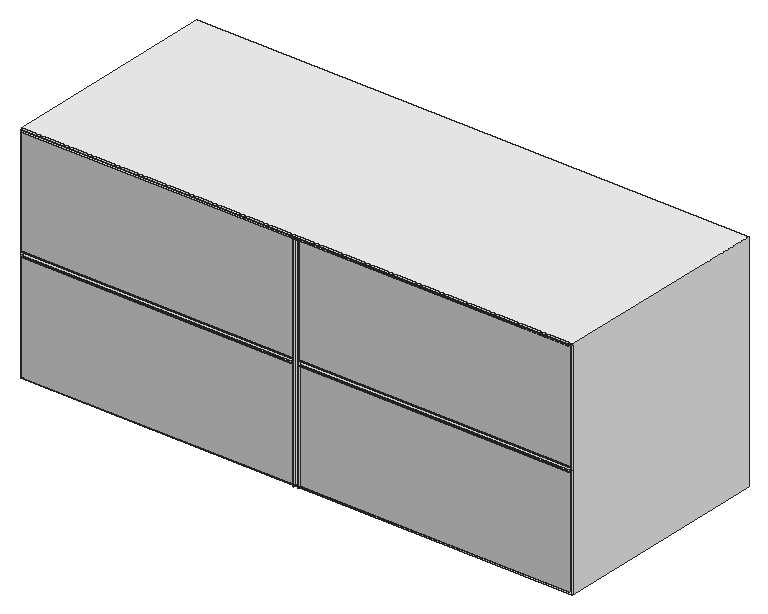
Revit family "vanity unit-hansgrohe-54196XXX-Xevolos E Vanity unit Matt White 1370_550 with 4 drawers for consoles with 2 countertop basins ground", category Furniture, Revit 2019
Family settings
  OmniClass Number = 23.40.00.00
  OmniClass Title = Equipment and Furnishings
  Work Plane-Based = No
  Always vertical = Yes
  Cut with Voids When Loaded = No
  Shared = Yes
  Room Calculation Point = No
Parameters (values of type "54196320-MATT_WHITE-METALLIC_WHITE-200")
  etim7_EC011381 = "EC011381"
  WEIGHT = "82.3"
  UNSPSC = "56 | Furniture and Furnishings"
  UNIFORMATII = "E2010 | Fixed Furnishings"
  UNICLASS_2015_CODE = "40_30_78_05"
  UNICLASS2015 = "Pr_40_30_78_05 | Bathroom furniture"
  SURFACE = "METALLIC_WHITE"
  REGION = "Worldwide"
  PRODUCTURL = "https://pro.hansgrohe.com/articledetail--54196320"
  PERMALINK = "54196XXX"
  OMNICLASS = "23-21 19 15 33 13 | Residential Bathroom Specialty Casework"
  OBJECTTYPE = "Object (single object)"
  OBERFLAECHE = "MATT_WHITE"
  NN = "Vanity unit with 4 drawers for consoles with 2 countertop basins ground"
  NBSYN = "$ARTNR.-$OBERFLAECHE.-$SURFACE.-$LODLEVEL."
  NB = "54196320-MATT_WHITE-METALLIC_WHITE-200"
  NAME = "Xevolos E Vanity unit Matt White 1370/550 with 4 drawers for consoles with 2 countertop basins ground"
  Model = "54196320-MATT_WHITE-METALLIC_WHITE-200"
  Manufacturer = "Hansgrohe"
  MIdent = "{$CADENAS_DATA/23d-libs/hansgrohe/xevolos_furniture/e_vanity_unit_4drawers_consoles_2countertop_basin/vanity_unit_4drawers_consoles_2countertopbasin.prj},289 {VTYP=3D},{NB=54196320-MATT_WHITE-METALLIC_WHITE-200},{LINA=54196320-MATT_WHITE-METALLIC_WHITE-200},{NN=Vanity unit with 4 drawers for consoles with 2 countertop basins ground},{DATE=13.03.2023 11:55:27},{GEOMDATE=12.03.2023 06:39:00},{VERSION=},{LINEID=10},{WBVAR=LODLEVEL},{WBNUMERIC=}  {NB=54196320-MATT_WHITE-METALLIC_WHITE-200},{LINA=54196320-MATT_WHITE-METALLIC_WHITE-200},{KT=DUMMY},{IDNR=1},{ARTNR=54196320},{BASENUMBER=54196},{MODEL=54196XXX},{OBERFLAECHE=MATT_WHITE},{SURFACE=METALLIC_WHITE},{L=1370},{LODLEVEL=200},{LODLEVELX='400','400','200','200'},{NAME=Xevolos E Vanity unit Matt White 1370/550 with 4 drawers for consoles with 2 countertop basins ground},{PERMALINK=54196XXX},{OBJECTTYPE=Object (single object)},{BIMOBJECT=Sanitary: Compound units},{COLLECTIONSET=Xevolos E},{COLLECTION=vanity unit},{WEIGHT=82.3},{DESCRIPTION=Xevolos E Vanity unit Matt White 1370/550 with 4 drawers for consoles with 2 countertop basins ground},{PRODUCTURL=https://pro.hansgrohe.com/articledetail--54196320},{GTINCODE=0},{TENDERURL=0},{IFC=Furnishing element},{ETIM=EC011381 | Bathroom furniture set},{UNICLASS2015=Pr_40_30_78_05 | Bathroom furniture},{OMNICLASS=23-21 19 15 33 13 | Residential Bathroom Specialty Casework},{MASTERFORMAT=12 35 30.23 | Bathroom Casework},{UNSPSC=56 | Furniture and Furnishings},{UNIFORMATII=E2010 | Fixed Furnishings},{REGION=Worldwide},{DESIGN=Germany},{MANUFACTURER=Germany}"
  MASTERFORMAT = "12 35 30.23 | Bathroom Casework"
  LODLEVEL = "200"
  LINA = "54196320-MATT_WHITE-METALLIC_WHITE-200"
  L = 1370
  IFC = "Furnishing element"
  IDNR = 1
  ETIM = "EC011381 | Bathroom furniture set"
  DESIGN = "Germany"
  COLLECTIONSET = "Xevolos E"
  COLLECTION = "vanity unit"
  CATALOG = "Hansgrohe"
  BIMOBJECT = "Sanitary: Compound units"
  BASENUMBER = "54196"
  ARTNR = "54196320"
  54196730-MATT_WHITE-DARK_OAK-400_RX0RY0RZ0TX0TY0TZ0_V = no
  54196730-MATT_WHITE-DARK_OAK-200_RX0RY0RZ0TX0TY0TZ0_V = no
  54196390-MATT_WHITE-PATTEREND_BRONZE-400_RX0RY0RZ0TX0TY0TZ0_V = no
  54196390-MATT_WHITE-PATTEREND_BRONZE-200_RX0RY0RZ0TX0TY0TZ0_V = no
  54196320-MATT_WHITE-METALLIC_WHITE-400_RX0RY0RZ0TX0TY0TZ0_V = no
  54196320-MATT_WHITE-METALLIC_WHITE-200_RX0RY0RZ0TX0TY0TZ0_V = yes
Reference planes
  plane 1 "Center (Front/Back)": y = 0
  plane 2: z = 0
  plane 3 "Center (Left/Right)": x = 0
Dimensions and locks
  aligned and locked: level to plane 2
Nested families
  nested 1: "54196320-matt_white-metallic_white-200_content" at (0, 0, 0), visible <- "54196320-MATT_WHITE-METALLIC_WHITE-200_RX0RY0RZ0TX0TY0TZ0_V", ContentVisible <- "54196320-MATT_WHITE-METALLIC_WHITE-200_RX0RY0RZ0TX0TY0TZ0_V", type "54196320-MATT_WHITE-METALLIC_WHITE-200_Content"
    with ContentVisible yes
  nested 2: "54196320-matt_white-metallic_white-400_content" at (0, 0, 0), visible <- "54196320-MATT_WHITE-METALLIC_WHITE-400_RX0RY0RZ0TX0TY0TZ0_V", ContentVisible <- "54196320-MATT_WHITE-METALLIC_WHITE-400_RX0RY0RZ0TX0TY0TZ0_V", type "54196320-MATT_WHITE-METALLIC_WHITE-400_Content"
    with ContentVisible no
  nested 3: "54196390-matt_white-patterend_bronze-200_content" at (0, 0, 0), visible <- "54196390-MATT_WHITE-PATTEREND_BRONZE-200_RX0RY0RZ0TX0TY0TZ0_V", ContentVisible <- "54196390-MATT_WHITE-PATTEREND_BRONZE-200_RX0RY0RZ0TX0TY0TZ0_V", type "54196390-MATT_WHITE-PATTEREND_BRONZE-200_Content"
    with ContentVisible no
  nested 4: "54196390-matt_white-patterend_bronze-400_content" at (0, 0, 0), visible <- "54196390-MATT_WHITE-PATTEREND_BRONZE-400_RX0RY0RZ0TX0TY0TZ0_V", ContentVisible <- "54196390-MATT_WHITE-PATTEREND_BRONZE-400_RX0RY0RZ0TX0TY0TZ0_V", type "54196390-MATT_WHITE-PATTEREND_BRONZE-400_Content"
    with ContentVisible no
  nested 5: "54196730-matt_white-dark_oak-200_content" at (0, 0, 0), visible <- "54196730-MATT_WHITE-DARK_OAK-200_RX0RY0RZ0TX0TY0TZ0_V", ContentVisible <- "54196730-MATT_WHITE-DARK_OAK-200_RX0RY0RZ0TX0TY0TZ0_V", type "54196730-MATT_WHITE-DARK_OAK-200_Content"
    with ContentVisible no
  nested 6: "54196730-matt_white-dark_oak-400_content" at (0, 0, 0), visible <- "54196730-MATT_WHITE-DARK_OAK-400_RX0RY0RZ0TX0TY0TZ0_V", ContentVisible <- "54196730-MATT_WHITE-DARK_OAK-400_RX0RY0RZ0TX0TY0TZ0_V", type "54196730-MATT_WHITE-DARK_OAK-400_Content"
    with ContentVisible no
Definition of nested family "54196320-matt_white-metallic_white-200_content"
  Parameters (values of type "54196320-MATT_WHITE-METALLIC_WHITE-200_Content")
    etim7_EC011381 = "EC011381"
    WEIGHT = "82.3"
    UNSPSC = "56 | Furniture and Furnishings"
    UNIFORMATII = "E2010 | Fixed Furnishings"
    UNICLASS_2015_CODE = "40_30_78_05"
    UNICLASS2015 = "Pr_40_30_78_05 | Bathroom furniture"
    SURFACE = "METALLIC_WHITE"
    REGION = "Worldwide"
    PRODUCTURL = "https://pro.hansgrohe.com/articledetail--54196320"
    PERMALINK = "54196XXX"
    OMNICLASS = "23-21 19 15 33 13 | Residential Bathroom Specialty Casework"
    OBJECTTYPE = "Object (single object)"
    OBERFLAECHE = "MATT_WHITE"
    NN = "Vanity unit with 4 drawers for consoles with 2 countertop basins ground"
    NBSYN = "$ARTNR.-$OBERFLAECHE.-$SURFACE.-$LODLEVEL."
    NB = "54196320-MATT_WHITE-METALLIC_WHITE-200"
    NAME = "Xevolos E Vanity unit Matt White 1370/550 with 4 drawers for consoles with 2 countertop basins ground"
    Model = "54196320-MATT_WHITE-METALLIC_WHITE-200"
    Manufacturer = "Hansgrohe"
    MASTERFORMAT = "12 35 30.23 | Bathroom Casework"
    LODLEVEL = "200"
    LINA = "54196320-MATT_WHITE-METALLIC_WHITE-200"
    L = 1370
    IFC = "Furnishing element"
    IDNR = 1
    ETIM = "EC011381 | Bathroom furniture set"
    Default Elevation = 1219.2 mm
    DESIGN = "Germany"
    ContentVisible [instance] = yes
    COLLECTIONSET = "Xevolos E"
    COLLECTION = "vanity unit"
    CATALOG = "Hansgrohe"
    BIMOBJECT = "Sanitary: Compound units"
    BASENUMBER = "54196"
    ARTNR = "54196320"
  Reference planes
    plane 1 "Center (Front/Back)": y = 0
    plane 2: z = 0
    plane 3 "Center (Left/Right)": x = 0
  Forms (mm)
    Extrusion 1, solid, visible <- "ContentVisible", detail levels medium+fine
      sketch origin (0, 0, 0) x (1, 0, 0) y (0, 1, 0)
        loop
          line (-685, 0) -> (-685, -544.3) -> (685, -544.3) -> (685, 0) -> (-685, 0)
      from 0 to 558
    Extrusion 2, solid, visible <- "ContentVisible", detail levels medium+fine
      sketch origin (0, -544.3, 0) x (1, 0, 0) y (0, 0, -1)
        loop
          line (-685, -278) -> (-683, -278) -> (-683, -4) -> (683, -4) -> (683, -278) -> (685, -278) -> (685, -2) -> (-685, -2) -> (-685, -278)
      from -4 to 0
    Extrusion 3, solid, visible <- "ContentVisible", detail levels medium+fine
      sketch origin (0, -544.3, 0) x (1, 0, 0) y (0, 0, -1)
        loop
          line (-685, -278) -> (-685, -554) -> (685, -554) -> (685, -278) -> (683, -278) -> (683, -552) -> (-683, -552) -> (-683, -278) -> (-685, -278)
      from -4 to 0
    Extrusion 4, solid, visible <- "ContentVisible", detail levels medium+fine
      sketch origin (0, -544.3, 0) x (1, 0, 0) y (0, 0, -1)
        loop
          line (-683, -272.5) -> (-7, -272.5) -> (-7, -4) -> (-683, -4) -> (-683, -272.5)
      from -4 to 0
    Extrusion 5, solid, visible <- "ContentVisible", detail levels medium+fine
      sketch origin (0, -544.3, 0) x (1, 0, 0) y (0, 0, -1)
        loop
          line (7, -272.5) -> (683, -272.5) -> (683, -4) -> (7, -4) -> (7, -272.5)
      from -2 to 0
    Extrusion 6, solid, visible <- "ContentVisible", detail levels medium+fine
      sketch origin (0, -544.3, 0) x (1, 0, 0) y (0, 0, -1)
        loop
          line (-683, -554) -> (-7, -554) -> (-7, -285.5) -> (-683, -285.5) -> (-683, -554)
      from -4 to 0
    Extrusion 7, solid, visible <- "ContentVisible", detail levels medium+fine
      sketch origin (0, -544.3, 0) x (1, 0, 0) y (0, 0, -1)
        loop
          line (7, -554) -> (683, -554) -> (683, -285.5) -> (7, -285.5) -> (7, -554)
      from -4 to 0
    Extrusion 8, solid, visible <- "ContentVisible", detail levels medium+fine
      sketch origin (0, 0, 272.5) x (1, 0, 0) y (0, 1, 0)
        loop
          line (-683, -527) -> (-683, -548.3) -> (-7, -548.3) -> (-7, -527) -> (-683, -527)
      from 0 to 2
    Extrusion 9, solid, visible <- "ContentVisible", detail levels medium+fine
      sketch origin (0, 0, 272.5) x (1, 0, 0) y (0, 1, 0)
        loop
          line (7, -548.3) -> (683, -548.3) -> (683, -527) -> (7, -527) -> (7, -548.3)
      from 0 to 2
    Extrusion 10, solid, visible <- "ContentVisible", detail levels medium+fine
      sketch origin (0, 0, 285.5) x (1, 0, 0) y (0, 1, 0)
        loop
          line (-683, -527) -> (-683, -548.3) -> (-7, -548.3) -> (-7, -527) -> (-683, -527)
      from -2 to 0
    Extrusion 11, solid, visible <- "ContentVisible", detail levels medium+fine
      sketch origin (0, 0, 285.5) x (1, 0, 0) y (0, 1, 0)
        loop
          line (7, -548.3) -> (683, -548.3) -> (683, -527) -> (7, -527) -> (7, -548.3)
      from -2 to 0
    Extrusion 12, solid, visible <- "ContentVisible", detail levels medium+fine
      sketch origin (0, 0, 0) x (1, 0, 0) y (0, 1, 0)
        loop
          line (-7, -544.3) -> (-7, -548.3) -> (-5, -548.3) -> (-5, -544.3) -> (-7, -544.3)
      from 0 to 554
    Extrusion 13, solid, visible <- "ContentVisible", detail levels medium+fine
      sketch origin (0, 0, 0) x (1, 0, 0) y (0, 1, 0)
        loop
          line (5, -544.3) -> (5, -548.3) -> (7, -548.3) -> (7, -544.3) -> (5, -544.3)
      from 0 to 554
    Extrusion 14, solid, visible <- "ContentVisible", detail levels coarse
      sketch origin (0, -274.15, 0) x (1, 0, 0) y (0, 1, 0)
        loop
          line (-685, -274.15) -> (685, -274.15) -> (685, 274.15) -> (-685, 274.15) -> (-685, -274.15)
      from 0 to 558
  Dimensions and locks
    aligned and locked: level to plane 2
Definition of nested family "54196320-matt_white-metallic_white-400_content"
  Parameters (values of type "54196320-MATT_WHITE-METALLIC_WHITE-400_Content")
    etim7_EC011381 = "EC011381"
    WEIGHT = "82.3"
    UNSPSC = "56 | Furniture and Furnishings"
    UNIFORMATII = "E2010 | Fixed Furnishings"
    UNICLASS_2015_CODE = "40_30_78_05"
    UNICLASS2015 = "Pr_40_30_78_05 | Bathroom furniture"
    SURFACE = "METALLIC_WHITE"
    REGION = "Worldwide"
    PRODUCTURL = "https://pro.hansgrohe.com/articledetail--54196320"
    PERMALINK = "54196XXX"
    OMNICLASS = "23-21 19 15 33 13 | Residential Bathroom Specialty Casework"
    OBJECTTYPE = "Object (single object)"
    OBERFLAECHE = "MATT_WHITE"
    NN = "Vanity unit with 4 drawers for consoles with 2 countertop basins ground"
    NBSYN = "$ARTNR.-$OBERFLAECHE.-$SURFACE.-$LODLEVEL."
    NB = "54196320-MATT_WHITE-METALLIC_WHITE-400"
    NAME = "Xevolos E Vanity unit Matt White 1370/550 with 4 drawers for consoles with 2 countertop basins ground"
    Model = "54196320-MATT_WHITE-METALLIC_WHITE-400"
    Manufacturer = "Hansgrohe"
    MASTERFORMAT = "12 35 30.23 | Bathroom Casework"
    LODLEVEL = "400"
    LINA = "54196320-MATT_WHITE-METALLIC_WHITE-400"
    L = 1370
    IFC = "Furnishing element"
    IDNR = 1
    ETIM = "EC011381 | Bathroom furniture set"
    Default Elevation = 1219.2 mm
    DESIGN = "Germany"
    ContentVisible [instance] = yes
    COLLECTIONSET = "Xevolos E"
    COLLECTION = "vanity unit"
    CATALOG = "Hansgrohe"
    BIMOBJECT = "Sanitary: Compound units"
    BASENUMBER = "54196"
    ARTNR = "54196320"
  Reference planes
    plane 1 "Center (Front/Back)": y = 0
    plane 2: z = 0
    plane 3 "Center (Left/Right)": x = 0
  Forms (mm)
    Extrusion 1, solid, visible <- "ContentVisible", detail levels medium+fine
      sketch origin (0, 0, 0) x (1, 0, 0) y (0, 1, 0)
        loop
          line (-685, 0) -> (-685, -548.3) -> (-683, -548.3) -> (-683, -544.3) -> (-669, -544.3) -> (-669, 0) -> (-685, 0)
      from 0 to 558
    Extrusion 2, solid, visible <- "ContentVisible", detail levels medium+fine
      sketch origin (0, 0, 0) x (1, 0, 0) y (0, 1, 0)
        loop
          line (-669, -131.5) -> (-669, -498) -> (669, -498) -> (669, -131.5) -> (-669, -131.5)
      from 0 to 16
    Extrusion 3, solid, visible <- "ContentVisible", detail levels medium+fine
      sketch origin (0, 0, 0) x (1, 0, 0) y (0, 1, 0)
        loop
          line (669, 0) -> (669, -544.3) -> (683, -544.3) -> (683, -548.3) -> (685, -548.3) -> (685, 0) -> (669, 0)
      from 0 to 558
    Extrusion 4, solid, visible <- "ContentVisible", detail levels medium+fine
      sketch origin (0, 0, 0.5) x (1, 0, 0) y (0, 1, 0)
        loop
          line (-669, -115.5) -> (-669, -131.5) -> (669, -131.5) -> (669, -115.5) -> (-669, -115.5)
      from 0 to 126
    Extrusion 5, solid, visible <- "ContentVisible", detail levels medium+fine
      sketch origin (0, 0, 0) x (1, 0, 0) y (0, 1, 0)
        loop
          line (-5, -536) -> (5, -536) -> (5, 0) -> (-5, 0) -> (-5, -536)
      from 0 to 558
    Extrusion 6, solid, visible <- "ContentVisible", detail levels medium+fine
      sketch origin (0, 0, 0) x (1, 0, 0) y (0, 1, 0)
        loop
          line (-21, 0) -> (-21, -544.3) -> (-7, -544.3) -> (-7, -548.3) -> (-5, -548.3) -> (-5, 0) -> (-21, 0)
      from 0 to 558
    Extrusion 7, solid, visible <- "ContentVisible", detail levels medium+fine
      sketch origin (0, 0, 0) x (1, 0, 0) y (0, 1, 0)
        loop
          line (5, 0) -> (5, -548.3) -> (7, -548.3) -> (7, -544.3) -> (21, -544.3) -> (21, 0) -> (5, 0)
      from 0 to 558
    Extrusion 8, solid, visible <- "ContentVisible", detail levels medium+fine
      sketch origin (0, 0, 2) x (1, 0, 0) y (0, 1, 0)
        loop
          line (-683, -527) -> (-683, -548.3) -> (-7, -548.3) -> (-7, -527) -> (-683, -527)
      from 0 to 2
    Extrusion 9, solid, visible <- "ContentVisible", detail levels medium+fine
      sketch origin (0, 0, 2) x (1, 0, 0) y (0, 1, 0)
        loop
          line (7, -548.3) -> (683, -548.3) -> (683, -527) -> (7, -527) -> (7, -548.3)
      from 0 to 2
    Extrusion 10, solid, visible <- "ContentVisible", detail levels medium+fine
      sketch origin (0, 0, 556) x (1, 0, 0) y (0, 1, 0)
        loop
          line (-683, -527) -> (-683, -548.3) -> (-7, -548.3) -> (-7, -527) -> (-683, -527)
      from -2 to 0
    Extrusion 11, solid, visible <- "ContentVisible", detail levels medium+fine
      sketch origin (0, 0, 556) x (1, 0, 0) y (0, 1, 0)
        loop
          line (7, -548.3) -> (683, -548.3) -> (683, -527) -> (7, -527) -> (7, -548.3)
      from -2 to 0
    Extrusion 12, solid, visible <- "ContentVisible", detail levels medium+fine
      sketch origin (0, -544.3, 0) x (1, 0, 0) y (0, 0, -1)
        loop
          line (-683, -272.5) -> (-7, -272.5) -> (-7, -4) -> (-683, -4) -> (-683, -272.5)
      from -4 to 0
    Extrusion 13, solid, visible <- "ContentVisible", detail levels medium+fine
      sketch origin (0, -544.3, 0) x (1, 0, 0) y (0, 0, -1)
        loop
          line (7, -272.5) -> (683, -272.5) -> (683, -4) -> (7, -4) -> (7, -272.5)
      from -2 to 0
    Extrusion 14, solid, visible <- "ContentVisible", detail levels medium+fine
      sketch origin (0, -544.3, 0) x (1, 0, 0) y (0, 0, -1)
        loop
          line (-683, -554) -> (-7, -554) -> (-7, -285.5) -> (-683, -285.5) -> (-683, -554)
      from -4 to 0
    Extrusion 15, solid, visible <- "ContentVisible", detail levels medium+fine
      sketch origin (0, -544.3, 0) x (1, 0, 0) y (0, 0, -1)
        loop
          line (7, -554) -> (683, -554) -> (683, -285.5) -> (7, -285.5) -> (7, -554)
      from -4 to 0
    Extrusion 16, solid, visible <- "ContentVisible", detail levels medium+fine
      sketch origin (0, 0, 272.5) x (1, 0, 0) y (0, 1, 0)
        loop
          line (-683, -527) -> (-683, -548.3) -> (-7, -548.3) -> (-7, -527) -> (-683, -527)
      from 0 to 2
    Extrusion 17, solid, visible <- "ContentVisible", detail levels medium+fine
      sketch origin (0, 0, 272.5) x (1, 0, 0) y (0, 1, 0)
        loop
          line (7, -548.3) -> (683, -548.3) -> (683, -527) -> (7, -527) -> (7, -548.3)
      from 0 to 2
    Extrusion 18, solid, visible <- "ContentVisible", detail levels medium+fine
      sketch origin (0, 0, 285.5) x (1, 0, 0) y (0, 1, 0)
        loop
          line (-683, -527) -> (-683, -548.3) -> (-7, -548.3) -> (-7, -527) -> (-683, -527)
      from -2 to 0
    Extrusion 19, solid, visible <- "ContentVisible", detail levels medium+fine
      sketch origin (0, 0, 285.5) x (1, 0, 0) y (0, 1, 0)
        loop
          line (7, -548.3) -> (683, -548.3) -> (683, -527) -> (7, -527) -> (7, -548.3)
      from -2 to 0
    Extrusion 20, solid, visible <- "ContentVisible", detail levels medium+fine
      sketch origin (0, -544.3, 0) x (1, 0, 0) y (0, 0, -1)
        loop
          line (-683, -274.5) -> (-7, -274.5) -> (-7, -4.5) -> (-683, -4.5) -> (-683, -274.5)
        loop
          line (-609, -80.5) -> (-609, -272.5) -> (-81, -272.5) -> (-81, -80.5) -> (-609, -80.5)
      from 0 to 17
    Extrusion 21, solid, visible <- "ContentVisible", detail levels medium+fine
      sketch origin (0, -544.3, 0) x (1, 0, 0) y (0, 0, -1)
        loop
          line (7, -4.5) -> (7, -274.5) -> (683, -274.5) -> (683, -4.5) -> (7, -4.5)
        loop
          line (81, -80.5) -> (81, -272.5) -> (609, -272.5) -> (609, -80.5) -> (81, -80.5)
      from 0 to 17
    Extrusion 22, solid, visible <- "ContentVisible", detail levels medium+fine
      sketch origin (0, -544.3, 0) x (1, 0, 0) y (0, 0, -1)
        loop
          line (-683, -553.5) -> (-607, -553.5) -> (-607, -361.5) -> (-83, -361.5) -> (-83, -553.5) -> (-7, -553.5) -> (-7, -285.5) -> (-683, -285.5) -> (-683, -553.5)
      from 0 to 17
    Extrusion 23, solid, visible <- "ContentVisible", detail levels medium+fine
      sketch origin (0, -544.3, 0) x (1, 0, 0) y (0, 0, -1)
        loop
          line (7, -285.5) -> (7, -553.5) -> (83, -553.5) -> (83, -361.5) -> (607, -361.5) -> (607, -553.5) -> (683, -553.5) -> (683, -285.5) -> (7, -285.5)
      from 0 to 17
    Extrusion 24, solid, visible <- "ContentVisible", detail levels medium+fine
      sketch origin (0, 0, 0) x (0, 0, -1) y (0, 1, 0)
        loop
          line (-285, -395.5) -> (-285, -520) -> (-269, -520) -> (-269, -395.5) -> (-285, -395.5)
      from -669 to 669
    Extrusion 25, solid, visible <- "ContentVisible", detail levels medium+fine
      sketch origin (0, 0, 557.5) x (1, 0, 0) y (0, 1, 0)
        loop
          line (-669, -521.5) -> (-21, -521.5) -> (-21, -23) -> (-195, -23) -> (-195, -273)
          arc (-195, -273) -> (-224.289, -343.711) -> (-295, -373) r 100
          line (-295, -373) -> (-395, -373)
          arc (-395, -373) -> (-465.711, -343.711) -> (-495, -273) r 100
          line (-495, -273) -> (-495, -23) -> (-669, -23) -> (-669, -521.5)
      from -16 to 0
    Extrusion 26, solid, visible <- "ContentVisible", detail levels medium+fine
      sketch origin (0, 0, 557.5) x (1, 0, 0) y (0, 1, 0)
        loop
          line (21, -23) -> (21, -521.5) -> (669, -521.5) -> (669, -23) -> (495, -23) -> (495, -273)
          arc (495, -273) -> (465.711, -343.711) -> (395, -373) r 100
          line (395, -373) -> (295, -373)
          arc (295, -373) -> (224.289, -343.711) -> (195, -273) r 100
          line (195, -273) -> (195, -23) -> (21, -23)
      from -16 to 0
    Extrusion 27, solid, visible <- "ContentVisible", detail levels coarse
      sketch origin (0, -274.15, 0) x (1, 0, 0) y (0, 1, 0)
        loop
          line (-685, -274.15) -> (685, -274.15) -> (685, 274.15) -> (-685, 274.15) -> (-685, -274.15)
      from 0 to 558
  Dimensions and locks
    aligned and locked: level to plane 2
Definition of nested family "54196390-matt_white-patterend_bronze-200_content"
  Parameters (values of type "54196390-MATT_WHITE-PATTEREND_BRONZE-200_Content")
    etim7_EC011381 = "EC011381"
    WEIGHT = "82.3"
    UNSPSC = "56 | Furniture and Furnishings"
    UNIFORMATII = "E2010 | Fixed Furnishings"
    UNICLASS_2015_CODE = "40_30_78_05"
    UNICLASS2015 = "Pr_40_30_78_05 | Bathroom furniture"
    SURFACE = "PATTEREND_BRONZE"
    REGION = "Worldwide"
    PRODUCTURL = "https://pro.hansgrohe.com/articledetail--54196320"
    PERMALINK = "54196XXX"
    OMNICLASS = "23-21 19 15 33 13 | Residential Bathroom Specialty Casework"
    OBJECTTYPE = "Object (single object)"
    OBERFLAECHE = "MATT_WHITE"
    NN = "Vanity unit with 4 drawers for consoles with 2 countertop basins ground"
    NBSYN = "$ARTNR.-$OBERFLAECHE.-$SURFACE.-$LODLEVEL."
    NB = "54196390-MATT_WHITE-PATTEREND_BRONZE-200"
    NAME = "Xevolos E Vanity unit Matt White 1370/550 with 4 drawers for consoles with 2 countertop basins ground"
    Model = "54196390-MATT_WHITE-PATTEREND_BRONZE-200"
    Manufacturer = "Hansgrohe"
    MASTERFORMAT = "12 35 30.23 | Bathroom Casework"
    LODLEVEL = "200"
    LINA = "54196390-MATT_WHITE-PATTEREND_BRONZE-200"
    L = 1370
    IFC = "Furnishing element"
    IDNR = 2
    ETIM = "EC011381 | Bathroom furniture set"
    Default Elevation = 1219.2 mm
    DESIGN = "Germany"
    ContentVisible [instance] = yes
    COLLECTIONSET = "Xevolos E"
    COLLECTION = "vanity unit"
    CATALOG = "Hansgrohe"
    BIMOBJECT = "Sanitary: Compound units"
    BASENUMBER = "54196"
    ARTNR = "54196390"
  Reference planes
    plane 1 "Center (Front/Back)": y = 0
    plane 2: z = 0
    plane 3 "Center (Left/Right)": x = 0
  Forms (mm)
    Extrusion 1, solid, visible <- "ContentVisible", detail levels medium+fine
      sketch origin (0, 0, 0) x (1, 0, 0) y (0, 1, 0)
        loop
          line (-685, 0) -> (-685, -544.3) -> (685, -544.3) -> (685, 0) -> (-685, 0)
      from 0 to 558
    Extrusion 2, solid, visible <- "ContentVisible", detail levels medium+fine
      sketch origin (0, -544.3, 0) x (1, 0, 0) y (0, 0, -1)
        loop
          line (-685, -278) -> (-683, -278) -> (-683, -4) -> (683, -4) -> (683, -278) -> (685, -278) -> (685, -2) -> (-685, -2) -> (-685, -278)
      from -4 to 0
    Extrusion 3, solid, visible <- "ContentVisible", detail levels medium+fine
      sketch origin (0, -544.3, 0) x (1, 0, 0) y (0, 0, -1)
        loop
          line (-685, -278) -> (-685, -554) -> (685, -554) -> (685, -278) -> (683, -278) -> (683, -552) -> (-683, -552) -> (-683, -278) -> (-685, -278)
      from -4 to 0
    Extrusion 4, solid, visible <- "ContentVisible", detail levels medium+fine
      sketch origin (0, -544.3, 0) x (1, 0, 0) y (0, 0, -1)
        loop
          line (-683, -272.5) -> (-7, -272.5) -> (-7, -4) -> (-683, -4) -> (-683, -272.5)
      from -4 to 0
    Extrusion 5, solid, visible <- "ContentVisible", detail levels medium+fine
      sketch origin (0, -544.3, 0) x (1, 0, 0) y (0, 0, -1)
        loop
          line (7, -272.5) -> (683, -272.5) -> (683, -4) -> (7, -4) -> (7, -272.5)
      from -2 to 0
    Extrusion 6, solid, visible <- "ContentVisible", detail levels medium+fine
      sketch origin (0, -544.3, 0) x (1, 0, 0) y (0, 0, -1)
        loop
          line (-683, -554) -> (-7, -554) -> (-7, -285.5) -> (-683, -285.5) -> (-683, -554)
      from -4 to 0
    Extrusion 7, solid, visible <- "ContentVisible", detail levels medium+fine
      sketch origin (0, -544.3, 0) x (1, 0, 0) y (0, 0, -1)
        loop
          line (7, -554) -> (683, -554) -> (683, -285.5) -> (7, -285.5) -> (7, -554)
      from -4 to 0
    Extrusion 8, solid, visible <- "ContentVisible", detail levels medium+fine
      sketch origin (0, 0, 272.5) x (1, 0, 0) y (0, 1, 0)
        loop
          line (-683, -527) -> (-683, -548.3) -> (-7, -548.3) -> (-7, -527) -> (-683, -527)
      from 0 to 2
    Extrusion 9, solid, visible <- "ContentVisible", detail levels medium+fine
      sketch origin (0, 0, 272.5) x (1, 0, 0) y (0, 1, 0)
        loop
          line (7, -548.3) -> (683, -548.3) -> (683, -527) -> (7, -527) -> (7, -548.3)
      from 0 to 2
    Extrusion 10, solid, visible <- "ContentVisible", detail levels medium+fine
      sketch origin (0, 0, 285.5) x (1, 0, 0) y (0, 1, 0)
        loop
          line (-683, -527) -> (-683, -548.3) -> (-7, -548.3) -> (-7, -527) -> (-683, -527)
      from -2 to 0
    Extrusion 11, solid, visible <- "ContentVisible", detail levels medium+fine
      sketch origin (0, 0, 285.5) x (1, 0, 0) y (0, 1, 0)
        loop
          line (7, -548.3) -> (683, -548.3) -> (683, -527) -> (7, -527) -> (7, -548.3)
      from -2 to 0
    Extrusion 12, solid, visible <- "ContentVisible", detail levels medium+fine
      sketch origin (0, 0, 0) x (1, 0, 0) y (0, 1, 0)
        loop
          line (-7, -544.3) -> (-7, -548.3) -> (-5, -548.3) -> (-5, -544.3) -> (-7, -544.3)
      from 0 to 554
    Extrusion 13, solid, visible <- "ContentVisible", detail levels medium+fine
      sketch origin (0, 0, 0) x (1, 0, 0) y (0, 1, 0)
        loop
          line (5, -544.3) -> (5, -548.3) -> (7, -548.3) -> (7, -544.3) -> (5, -544.3)
      from 0 to 554
    Extrusion 14, solid, visible <- "ContentVisible", detail levels coarse
      sketch origin (0, -274.15, 0) x (1, 0, 0) y (0, 1, 0)
        loop
          line (-685, -274.15) -> (685, -274.15) -> (685, 274.15) -> (-685, 274.15) -> (-685, -274.15)
      from 0 to 558
  Dimensions and locks
    aligned and locked: level to plane 2
Definition of nested family "54196390-matt_white-patterend_bronze-400_content"
  Parameters (values of type "54196390-MATT_WHITE-PATTEREND_BRONZE-400_Content")
    etim7_EC011381 = "EC011381"
    WEIGHT = "82.3"
    UNSPSC = "56 | Furniture and Furnishings"
    UNIFORMATII = "E2010 | Fixed Furnishings"
    UNICLASS_2015_CODE = "40_30_78_05"
    UNICLASS2015 = "Pr_40_30_78_05 | Bathroom furniture"
    SURFACE = "PATTEREND_BRONZE"
    REGION = "Worldwide"
    PRODUCTURL = "https://pro.hansgrohe.com/articledetail--54196320"
    PERMALINK = "54196XXX"
    OMNICLASS = "23-21 19 15 33 13 | Residential Bathroom Specialty Casework"
    OBJECTTYPE = "Object (single object)"
    OBERFLAECHE = "MATT_WHITE"
    NN = "Vanity unit with 4 drawers for consoles with 2 countertop basins ground"
    NBSYN = "$ARTNR.-$OBERFLAECHE.-$SURFACE.-$LODLEVEL."
    NB = "54196390-MATT_WHITE-PATTEREND_BRONZE-400"
    NAME = "Xevolos E Vanity unit Matt White 1370/550 with 4 drawers for consoles with 2 countertop basins ground"
    Model = "54196390-MATT_WHITE-PATTEREND_BRONZE-400"
    Manufacturer = "Hansgrohe"
    MASTERFORMAT = "12 35 30.23 | Bathroom Casework"
    LODLEVEL = "400"
    LINA = "54196390-MATT_WHITE-PATTEREND_BRONZE-400"
    L = 1370
    IFC = "Furnishing element"
    IDNR = 2
    ETIM = "EC011381 | Bathroom furniture set"
    Default Elevation = 1219.2 mm
    DESIGN = "Germany"
    ContentVisible [instance] = yes
    COLLECTIONSET = "Xevolos E"
    COLLECTION = "vanity unit"
    CATALOG = "Hansgrohe"
    BIMOBJECT = "Sanitary: Compound units"
    BASENUMBER = "54196"
    ARTNR = "54196390"
  Reference planes
    plane 1 "Center (Front/Back)": y = 0
    plane 2: z = 0
    plane 3 "Center (Left/Right)": x = 0
  Forms (mm)
    Extrusion 1, solid, visible <- "ContentVisible", detail levels medium+fine
      sketch origin (0, 0, 0) x (1, 0, 0) y (0, 1, 0)
        loop
          line (-685, 0) -> (-685, -548.3) -> (-683, -548.3) -> (-683, -544.3) -> (-669, -544.3) -> (-669, 0) -> (-685, 0)
      from 0 to 558
    Extrusion 2, solid, visible <- "ContentVisible", detail levels medium+fine
      sketch origin (0, 0, 0) x (1, 0, 0) y (0, 1, 0)
        loop
          line (-669, -131.5) -> (-669, -498) -> (669, -498) -> (669, -131.5) -> (-669, -131.5)
      from 0 to 16
    Extrusion 3, solid, visible <- "ContentVisible", detail levels medium+fine
      sketch origin (0, 0, 0) x (1, 0, 0) y (0, 1, 0)
        loop
          line (669, 0) -> (669, -544.3) -> (683, -544.3) -> (683, -548.3) -> (685, -548.3) -> (685, 0) -> (669, 0)
      from 0 to 558
    Extrusion 4, solid, visible <- "ContentVisible", detail levels medium+fine
      sketch origin (0, 0, 0.5) x (1, 0, 0) y (0, 1, 0)
        loop
          line (-669, -115.5) -> (-669, -131.5) -> (669, -131.5) -> (669, -115.5) -> (-669, -115.5)
      from 0 to 126
    Extrusion 5, solid, visible <- "ContentVisible", detail levels medium+fine
      sketch origin (0, 0, 0) x (1, 0, 0) y (0, 1, 0)
        loop
          line (-5, -536) -> (5, -536) -> (5, 0) -> (-5, 0) -> (-5, -536)
      from 0 to 558
    Extrusion 6, solid, visible <- "ContentVisible", detail levels medium+fine
      sketch origin (0, 0, 0) x (1, 0, 0) y (0, 1, 0)
        loop
          line (-21, 0) -> (-21, -544.3) -> (-7, -544.3) -> (-7, -548.3) -> (-5, -548.3) -> (-5, 0) -> (-21, 0)
      from 0 to 558
    Extrusion 7, solid, visible <- "ContentVisible", detail levels medium+fine
      sketch origin (0, 0, 0) x (1, 0, 0) y (0, 1, 0)
        loop
          line (5, 0) -> (5, -548.3) -> (7, -548.3) -> (7, -544.3) -> (21, -544.3) -> (21, 0) -> (5, 0)
      from 0 to 558
    Extrusion 8, solid, visible <- "ContentVisible", detail levels medium+fine
      sketch origin (0, 0, 2) x (1, 0, 0) y (0, 1, 0)
        loop
          line (-683, -527) -> (-683, -548.3) -> (-7, -548.3) -> (-7, -527) -> (-683, -527)
      from 0 to 2
    Extrusion 9, solid, visible <- "ContentVisible", detail levels medium+fine
      sketch origin (0, 0, 2) x (1, 0, 0) y (0, 1, 0)
        loop
          line (7, -548.3) -> (683, -548.3) -> (683, -527) -> (7, -527) -> (7, -548.3)
      from 0 to 2
    Extrusion 10, solid, visible <- "ContentVisible", detail levels medium+fine
      sketch origin (0, 0, 556) x (1, 0, 0) y (0, 1, 0)
        loop
          line (-683, -527) -> (-683, -548.3) -> (-7, -548.3) -> (-7, -527) -> (-683, -527)
      from -2 to 0
    Extrusion 11, solid, visible <- "ContentVisible", detail levels medium+fine
      sketch origin (0, 0, 556) x (1, 0, 0) y (0, 1, 0)
        loop
          line (7, -548.3) -> (683, -548.3) -> (683, -527) -> (7, -527) -> (7, -548.3)
      from -2 to 0
    Extrusion 12, solid, visible <- "ContentVisible", detail levels medium+fine
      sketch origin (0, -544.3, 0) x (1, 0, 0) y (0, 0, -1)
        loop
          line (-683, -272.5) -> (-7, -272.5) -> (-7, -4) -> (-683, -4) -> (-683, -272.5)
      from -4 to 0
    Extrusion 13, solid, visible <- "ContentVisible", detail levels medium+fine
      sketch origin (0, -544.3, 0) x (1, 0, 0) y (0, 0, -1)
        loop
          line (7, -272.5) -> (683, -272.5) -> (683, -4) -> (7, -4) -> (7, -272.5)
      from -2 to 0
    Extrusion 14, solid, visible <- "ContentVisible", detail levels medium+fine
      sketch origin (0, -544.3, 0) x (1, 0, 0) y (0, 0, -1)
        loop
          line (-683, -554) -> (-7, -554) -> (-7, -285.5) -> (-683, -285.5) -> (-683, -554)
      from -4 to 0
    Extrusion 15, solid, visible <- "ContentVisible", detail levels medium+fine
      sketch origin (0, -544.3, 0) x (1, 0, 0) y (0, 0, -1)
        loop
          line (7, -554) -> (683, -554) -> (683, -285.5) -> (7, -285.5) -> (7, -554)
      from -4 to 0
    Extrusion 16, solid, visible <- "ContentVisible", detail levels medium+fine
      sketch origin (0, 0, 272.5) x (1, 0, 0) y (0, 1, 0)
        loop
          line (-683, -527) -> (-683, -548.3) -> (-7, -548.3) -> (-7, -527) -> (-683, -527)
      from 0 to 2
    Extrusion 17, solid, visible <- "ContentVisible", detail levels medium+fine
      sketch origin (0, 0, 272.5) x (1, 0, 0) y (0, 1, 0)
        loop
          line (7, -548.3) -> (683, -548.3) -> (683, -527) -> (7, -527) -> (7, -548.3)
      from 0 to 2
    Extrusion 18, solid, visible <- "ContentVisible", detail levels medium+fine
      sketch origin (0, 0, 285.5) x (1, 0, 0) y (0, 1, 0)
        loop
          line (-683, -527) -> (-683, -548.3) -> (-7, -548.3) -> (-7, -527) -> (-683, -527)
      from -2 to 0
    Extrusion 19, solid, visible <- "ContentVisible", detail levels medium+fine
      sketch origin (0, 0, 285.5) x (1, 0, 0) y (0, 1, 0)
        loop
          line (7, -548.3) -> (683, -548.3) -> (683, -527) -> (7, -527) -> (7, -548.3)
      from -2 to 0
    Extrusion 20, solid, visible <- "ContentVisible", detail levels medium+fine
      sketch origin (0, -544.3, 0) x (1, 0, 0) y (0, 0, -1)
        loop
          line (-683, -274.5) -> (-7, -274.5) -> (-7, -4.5) -> (-683, -4.5) -> (-683, -274.5)
        loop
          line (-609, -80.5) -> (-609, -272.5) -> (-81, -272.5) -> (-81, -80.5) -> (-609, -80.5)
      from 0 to 17
    Extrusion 21, solid, visible <- "ContentVisible", detail levels medium+fine
      sketch origin (0, -544.3, 0) x (1, 0, 0) y (0, 0, -1)
        loop
          line (7, -4.5) -> (7, -274.5) -> (683, -274.5) -> (683, -4.5) -> (7, -4.5)
        loop
          line (81, -80.5) -> (81, -272.5) -> (609, -272.5) -> (609, -80.5) -> (81, -80.5)
      from 0 to 17
    Extrusion 22, solid, visible <- "ContentVisible", detail levels medium+fine
      sketch origin (0, -544.3, 0) x (1, 0, 0) y (0, 0, -1)
        loop
          line (-683, -553.5) -> (-607, -553.5) -> (-607, -361.5) -> (-83, -361.5) -> (-83, -553.5) -> (-7, -553.5) -> (-7, -285.5) -> (-683, -285.5) -> (-683, -553.5)
      from 0 to 17
    Extrusion 23, solid, visible <- "ContentVisible", detail levels medium+fine
      sketch origin (0, -544.3, 0) x (1, 0, 0) y (0, 0, -1)
        loop
          line (7, -285.5) -> (7, -553.5) -> (83, -553.5) -> (83, -361.5) -> (607, -361.5) -> (607, -553.5) -> (683, -553.5) -> (683, -285.5) -> (7, -285.5)
      from 0 to 17
    Extrusion 24, solid, visible <- "ContentVisible", detail levels medium+fine
      sketch origin (0, 0, 0) x (0, 0, -1) y (0, 1, 0)
        loop
          line (-285, -395.5) -> (-285, -520) -> (-269, -520) -> (-269, -395.5) -> (-285, -395.5)
      from -669 to 669
    Extrusion 25, solid, visible <- "ContentVisible", detail levels medium+fine
      sketch origin (0, 0, 557.5) x (1, 0, 0) y (0, 1, 0)
        loop
          line (-669, -521.5) -> (-21, -521.5) -> (-21, -23) -> (-195, -23) -> (-195, -273)
          arc (-195, -273) -> (-224.289, -343.711) -> (-295, -373) r 100
          line (-295, -373) -> (-395, -373)
          arc (-395, -373) -> (-465.711, -343.711) -> (-495, -273) r 100
          line (-495, -273) -> (-495, -23) -> (-669, -23) -> (-669, -521.5)
      from -16 to 0
    Extrusion 26, solid, visible <- "ContentVisible", detail levels medium+fine
      sketch origin (0, 0, 557.5) x (1, 0, 0) y (0, 1, 0)
        loop
          line (21, -23) -> (21, -521.5) -> (669, -521.5) -> (669, -23) -> (495, -23) -> (495, -273)
          arc (495, -273) -> (465.711, -343.711) -> (395, -373) r 100
          line (395, -373) -> (295, -373)
          arc (295, -373) -> (224.289, -343.711) -> (195, -273) r 100
          line (195, -273) -> (195, -23) -> (21, -23)
      from -16 to 0
    Extrusion 27, solid, visible <- "ContentVisible", detail levels coarse
      sketch origin (0, -274.15, 0) x (1, 0, 0) y (0, 1, 0)
        loop
          line (-685, -274.15) -> (685, -274.15) -> (685, 274.15) -> (-685, 274.15) -> (-685, -274.15)
      from 0 to 558
  Dimensions and locks
    aligned and locked: level to plane 2
Definition of nested family "54196730-matt_white-dark_oak-200_content"
  Parameters (values of type "54196730-MATT_WHITE-DARK_OAK-200_Content")
    etim7_EC011381 = "EC011381"
    WEIGHT = "82.3"
    UNSPSC = "56 | Furniture and Furnishings"
    UNIFORMATII = "E2010 | Fixed Furnishings"
    UNICLASS_2015_CODE = "40_30_78_05"
    UNICLASS2015 = "Pr_40_30_78_05 | Bathroom furniture"
    SURFACE = "DARK_OAK"
    REGION = "Worldwide"
    PRODUCTURL = "https://pro.hansgrohe.com/articledetail--54196320"
    PERMALINK = "54196XXX"
    OMNICLASS = "23-21 19 15 33 13 | Residential Bathroom Specialty Casework"
    OBJECTTYPE = "Object (single object)"
    OBERFLAECHE = "MATT_WHITE"
    NN = "Vanity unit with 4 drawers for consoles with 2 countertop basins ground"
    NBSYN = "$ARTNR.-$OBERFLAECHE.-$SURFACE.-$LODLEVEL."
    NB = "54196730-MATT_WHITE-DARK_OAK-200"
    NAME = "Xevolos E Vanity unit Matt White 1370/550 with 4 drawers for consoles with 2 countertop basins ground"
    Model = "54196730-MATT_WHITE-DARK_OAK-200"
    Manufacturer = "Hansgrohe"
    MASTERFORMAT = "12 35 30.23 | Bathroom Casework"
    LODLEVEL = "200"
    LINA = "54196730-MATT_WHITE-DARK_OAK-200"
    L = 1370
    IFC = "Furnishing element"
    IDNR = 3
    ETIM = "EC011381 | Bathroom furniture set"
    Default Elevation = 1219.2 mm
    DESIGN = "Germany"
    ContentVisible [instance] = yes
    COLLECTIONSET = "Xevolos E"
    COLLECTION = "vanity unit"
    CATALOG = "Hansgrohe"
    BIMOBJECT = "Sanitary: Compound units"
    BASENUMBER = "54196"
    ARTNR = "54196730"
  Reference planes
    plane 1 "Center (Front/Back)": y = 0
    plane 2: z = 0
    plane 3 "Center (Left/Right)": x = 0
  Forms (mm)
    Extrusion 1, solid, visible <- "ContentVisible", detail levels medium+fine
      sketch origin (0, 0, 0) x (1, 0, 0) y (0, 1, 0)
        loop
          line (-685, 0) -> (-685, -544.3) -> (685, -544.3) -> (685, 0) -> (-685, 0)
      from 0 to 558
    Extrusion 2, solid, visible <- "ContentVisible", detail levels medium+fine
      sketch origin (0, -544.3, 0) x (1, 0, 0) y (0, 0, -1)
        loop
          line (-685, -278) -> (-683, -278) -> (-683, -4) -> (683, -4) -> (683, -278) -> (685, -278) -> (685, -2) -> (-685, -2) -> (-685, -278)
      from -4 to 0
    Extrusion 3, solid, visible <- "ContentVisible", detail levels medium+fine
      sketch origin (0, -544.3, 0) x (1, 0, 0) y (0, 0, -1)
        loop
          line (-685, -278) -> (-685, -554) -> (685, -554) -> (685, -278) -> (683, -278) -> (683, -552) -> (-683, -552) -> (-683, -278) -> (-685, -278)
      from -4 to 0
    Extrusion 4, solid, visible <- "ContentVisible", detail levels medium+fine
      sketch origin (0, -544.3, 0) x (1, 0, 0) y (0, 0, -1)
        loop
          line (-683, -272.5) -> (-7, -272.5) -> (-7, -4) -> (-683, -4) -> (-683, -272.5)
      from -4 to 0
    Extrusion 5, solid, visible <- "ContentVisible", detail levels medium+fine
      sketch origin (0, -544.3, 0) x (1, 0, 0) y (0, 0, -1)
        loop
          line (7, -272.5) -> (683, -272.5) -> (683, -4) -> (7, -4) -> (7, -272.5)
      from -2 to 0
    Extrusion 6, solid, visible <- "ContentVisible", detail levels medium+fine
      sketch origin (0, -544.3, 0) x (1, 0, 0) y (0, 0, -1)
        loop
          line (-683, -554) -> (-7, -554) -> (-7, -285.5) -> (-683, -285.5) -> (-683, -554)
      from -4 to 0
    Extrusion 7, solid, visible <- "ContentVisible", detail levels medium+fine
      sketch origin (0, -544.3, 0) x (1, 0, 0) y (0, 0, -1)
        loop
          line (7, -554) -> (683, -554) -> (683, -285.5) -> (7, -285.5) -> (7, -554)
      from -4 to 0
    Extrusion 8, solid, visible <- "ContentVisible", detail levels medium+fine
      sketch origin (0, 0, 272.5) x (1, 0, 0) y (0, 1, 0)
        loop
          line (-683, -527) -> (-683, -548.3) -> (-7, -548.3) -> (-7, -527) -> (-683, -527)
      from 0 to 2
    Extrusion 9, solid, visible <- "ContentVisible", detail levels medium+fine
      sketch origin (0, 0, 272.5) x (1, 0, 0) y (0, 1, 0)
        loop
          line (7, -548.3) -> (683, -548.3) -> (683, -527) -> (7, -527) -> (7, -548.3)
      from 0 to 2
    Extrusion 10, solid, visible <- "ContentVisible", detail levels medium+fine
      sketch origin (0, 0, 285.5) x (1, 0, 0) y (0, 1, 0)
        loop
          line (-683, -527) -> (-683, -548.3) -> (-7, -548.3) -> (-7, -527) -> (-683, -527)
      from -2 to 0
    Extrusion 11, solid, visible <- "ContentVisible", detail levels medium+fine
      sketch origin (0, 0, 285.5) x (1, 0, 0) y (0, 1, 0)
        loop
          line (7, -548.3) -> (683, -548.3) -> (683, -527) -> (7, -527) -> (7, -548.3)
      from -2 to 0
    Extrusion 12, solid, visible <- "ContentVisible", detail levels medium+fine
      sketch origin (0, 0, 0) x (1, 0, 0) y (0, 1, 0)
        loop
          line (-7, -544.3) -> (-7, -548.3) -> (-5, -548.3) -> (-5, -544.3) -> (-7, -544.3)
      from 0 to 554
    Extrusion 13, solid, visible <- "ContentVisible", detail levels medium+fine
      sketch origin (0, 0, 0) x (1, 0, 0) y (0, 1, 0)
        loop
          line (5, -544.3) -> (5, -548.3) -> (7, -548.3) -> (7, -544.3) -> (5, -544.3)
      from 0 to 554
    Extrusion 14, solid, visible <- "ContentVisible", detail levels coarse
      sketch origin (0, -274.15, 0) x (1, 0, 0) y (0, 1, 0)
        loop
          line (-685, -274.15) -> (685, -274.15) -> (685, 274.15) -> (-685, 274.15) -> (-685, -274.15)
      from 0 to 558
  Dimensions and locks
    aligned and locked: level to plane 2
Definition of nested family "54196730-matt_white-dark_oak-400_content"
  Parameters (values of type "54196730-MATT_WHITE-DARK_OAK-400_Content")
    etim7_EC011381 = "EC011381"
    WEIGHT = "82.3"
    UNSPSC = "56 | Furniture and Furnishings"
    UNIFORMATII = "E2010 | Fixed Furnishings"
    UNICLASS_2015_CODE = "40_30_78_05"
    UNICLASS2015 = "Pr_40_30_78_05 | Bathroom furniture"
    SURFACE = "DARK_OAK"
    REGION = "Worldwide"
    PRODUCTURL = "https://pro.hansgrohe.com/articledetail--54196320"
    PERMALINK = "54196XXX"
    OMNICLASS = "23-21 19 15 33 13 | Residential Bathroom Specialty Casework"
    OBJECTTYPE = "Object (single object)"
    OBERFLAECHE = "MATT_WHITE"
    NN = "Vanity unit with 4 drawers for consoles with 2 countertop basins ground"
    NBSYN = "$ARTNR.-$OBERFLAECHE.-$SURFACE.-$LODLEVEL."
    NB = "54196730-MATT_WHITE-DARK_OAK-400"
    NAME = "Xevolos E Vanity unit Matt White 1370/550 with 4 drawers for consoles with 2 countertop basins ground"
    Model = "54196730-MATT_WHITE-DARK_OAK-400"
    Manufacturer = "Hansgrohe"
    MASTERFORMAT = "12 35 30.23 | Bathroom Casework"
    LODLEVEL = "400"
    LINA = "54196730-MATT_WHITE-DARK_OAK-400"
    L = 1370
    IFC = "Furnishing element"
    IDNR = 3
    ETIM = "EC011381 | Bathroom furniture set"
    Default Elevation = 1219.2 mm
    DESIGN = "Germany"
    ContentVisible [instance] = yes
    COLLECTIONSET = "Xevolos E"
    COLLECTION = "vanity unit"
    CATALOG = "Hansgrohe"
    BIMOBJECT = "Sanitary: Compound units"
    BASENUMBER = "54196"
    ARTNR = "54196730"
  Reference planes
    plane 1 "Center (Front/Back)": y = 0
    plane 2: z = 0
    plane 3 "Center (Left/Right)": x = 0
  Forms (mm)
    Extrusion 1, solid, visible <- "ContentVisible", detail levels medium+fine
      sketch origin (0, 0, 0) x (1, 0, 0) y (0, 1, 0)
        loop
          line (-685, 0) -> (-685, -548.3) -> (-683, -548.3) -> (-683, -544.3) -> (-669, -544.3) -> (-669, 0) -> (-685, 0)
      from 0 to 558
    Extrusion 2, solid, visible <- "ContentVisible", detail levels medium+fine
      sketch origin (0, 0, 0) x (1, 0, 0) y (0, 1, 0)
        loop
          line (-669, -131.5) -> (-669, -498) -> (669, -498) -> (669, -131.5) -> (-669, -131.5)
      from 0 to 16
    Extrusion 3, solid, visible <- "ContentVisible", detail levels medium+fine
      sketch origin (0, 0, 0) x (1, 0, 0) y (0, 1, 0)
        loop
          line (669, 0) -> (669, -544.3) -> (683, -544.3) -> (683, -548.3) -> (685, -548.3) -> (685, 0) -> (669, 0)
      from 0 to 558
    Extrusion 4, solid, visible <- "ContentVisible", detail levels medium+fine
      sketch origin (0, 0, 0.5) x (1, 0, 0) y (0, 1, 0)
        loop
          line (-669, -115.5) -> (-669, -131.5) -> (669, -131.5) -> (669, -115.5) -> (-669, -115.5)
      from 0 to 126
    Extrusion 5, solid, visible <- "ContentVisible", detail levels medium+fine
      sketch origin (0, 0, 0) x (1, 0, 0) y (0, 1, 0)
        loop
          line (-5, -536) -> (5, -536) -> (5, 0) -> (-5, 0) -> (-5, -536)
      from 0 to 558
    Extrusion 6, solid, visible <- "ContentVisible", detail levels medium+fine
      sketch origin (0, 0, 0) x (1, 0, 0) y (0, 1, 0)
        loop
          line (-21, 0) -> (-21, -544.3) -> (-7, -544.3) -> (-7, -548.3) -> (-5, -548.3) -> (-5, 0) -> (-21, 0)
      from 0 to 558
    Extrusion 7, solid, visible <- "ContentVisible", detail levels medium+fine
      sketch origin (0, 0, 0) x (1, 0, 0) y (0, 1, 0)
        loop
          line (5, 0) -> (5, -548.3) -> (7, -548.3) -> (7, -544.3) -> (21, -544.3) -> (21, 0) -> (5, 0)
      from 0 to 558
    Extrusion 8, solid, visible <- "ContentVisible", detail levels medium+fine
      sketch origin (0, 0, 2) x (1, 0, 0) y (0, 1, 0)
        loop
          line (-683, -527) -> (-683, -548.3) -> (-7, -548.3) -> (-7, -527) -> (-683, -527)
      from 0 to 2
    Extrusion 9, solid, visible <- "ContentVisible", detail levels medium+fine
      sketch origin (0, 0, 2) x (1, 0, 0) y (0, 1, 0)
        loop
          line (7, -548.3) -> (683, -548.3) -> (683, -527) -> (7, -527) -> (7, -548.3)
      from 0 to 2
    Extrusion 10, solid, visible <- "ContentVisible", detail levels medium+fine
      sketch origin (0, 0, 556) x (1, 0, 0) y (0, 1, 0)
        loop
          line (-683, -527) -> (-683, -548.3) -> (-7, -548.3) -> (-7, -527) -> (-683, -527)
      from -2 to 0
    Extrusion 11, solid, visible <- "ContentVisible", detail levels medium+fine
      sketch origin (0, 0, 556) x (1, 0, 0) y (0, 1, 0)
        loop
          line (7, -548.3) -> (683, -548.3) -> (683, -527) -> (7, -527) -> (7, -548.3)
      from -2 to 0
    Extrusion 12, solid, visible <- "ContentVisible", detail levels medium+fine
      sketch origin (0, -544.3, 0) x (1, 0, 0) y (0, 0, -1)
        loop
          line (-683, -272.5) -> (-7, -272.5) -> (-7, -4) -> (-683, -4) -> (-683, -272.5)
      from -4 to 0
    Extrusion 13, solid, visible <- "ContentVisible", detail levels medium+fine
      sketch origin (0, -544.3, 0) x (1, 0, 0) y (0, 0, -1)
        loop
          line (7, -272.5) -> (683, -272.5) -> (683, -4) -> (7, -4) -> (7, -272.5)
      from -2 to 0
    Extrusion 14, solid, visible <- "ContentVisible", detail levels medium+fine
      sketch origin (0, -544.3, 0) x (1, 0, 0) y (0, 0, -1)
        loop
          line (-683, -554) -> (-7, -554) -> (-7, -285.5) -> (-683, -285.5) -> (-683, -554)
      from -4 to 0
    Extrusion 15, solid, visible <- "ContentVisible", detail levels medium+fine
      sketch origin (0, -544.3, 0) x (1, 0, 0) y (0, 0, -1)
        loop
          line (7, -554) -> (683, -554) -> (683, -285.5) -> (7, -285.5) -> (7, -554)
      from -4 to 0
    Extrusion 16, solid, visible <- "ContentVisible", detail levels medium+fine
      sketch origin (0, 0, 272.5) x (1, 0, 0) y (0, 1, 0)
        loop
          line (-683, -527) -> (-683, -548.3) -> (-7, -548.3) -> (-7, -527) -> (-683, -527)
      from 0 to 2
    Extrusion 17, solid, visible <- "ContentVisible", detail levels medium+fine
      sketch origin (0, 0, 272.5) x (1, 0, 0) y (0, 1, 0)
        loop
          line (7, -548.3) -> (683, -548.3) -> (683, -527) -> (7, -527) -> (7, -548.3)
      from 0 to 2
    Extrusion 18, solid, visible <- "ContentVisible", detail levels medium+fine
      sketch origin (0, 0, 285.5) x (1, 0, 0) y (0, 1, 0)
        loop
          line (-683, -527) -> (-683, -548.3) -> (-7, -548.3) -> (-7, -527) -> (-683, -527)
      from -2 to 0
    Extrusion 19, solid, visible <- "ContentVisible", detail levels medium+fine
      sketch origin (0, 0, 285.5) x (1, 0, 0) y (0, 1, 0)
        loop
          line (7, -548.3) -> (683, -548.3) -> (683, -527) -> (7, -527) -> (7, -548.3)
      from -2 to 0
    Extrusion 20, solid, visible <- "ContentVisible", detail levels medium+fine
      sketch origin (0, -544.3, 0) x (1, 0, 0) y (0, 0, -1)
        loop
          line (-683, -274.5) -> (-7, -274.5) -> (-7, -4.5) -> (-683, -4.5) -> (-683, -274.5)
        loop
          line (-609, -80.5) -> (-609, -272.5) -> (-81, -272.5) -> (-81, -80.5) -> (-609, -80.5)
      from 0 to 17
    Extrusion 21, solid, visible <- "ContentVisible", detail levels medium+fine
      sketch origin (0, -544.3, 0) x (1, 0, 0) y (0, 0, -1)
        loop
          line (7, -4.5) -> (7, -274.5) -> (683, -274.5) -> (683, -4.5) -> (7, -4.5)
        loop
          line (81, -80.5) -> (81, -272.5) -> (609, -272.5) -> (609, -80.5) -> (81, -80.5)
      from 0 to 17
    Extrusion 22, solid, visible <- "ContentVisible", detail levels medium+fine
      sketch origin (0, -544.3, 0) x (1, 0, 0) y (0, 0, -1)
        loop
          line (-683, -553.5) -> (-607, -553.5) -> (-607, -361.5) -> (-83, -361.5) -> (-83, -553.5) -> (-7, -553.5) -> (-7, -285.5) -> (-683, -285.5) -> (-683, -553.5)
      from 0 to 17
    Extrusion 23, solid, visible <- "ContentVisible", detail levels medium+fine
      sketch origin (0, -544.3, 0) x (1, 0, 0) y (0, 0, -1)
        loop
          line (7, -285.5) -> (7, -553.5) -> (83, -553.5) -> (83, -361.5) -> (607, -361.5) -> (607, -553.5) -> (683, -553.5) -> (683, -285.5) -> (7, -285.5)
      from 0 to 17
    Extrusion 24, solid, visible <- "ContentVisible", detail levels medium+fine
      sketch origin (0, 0, 0) x (0, 0, -1) y (0, 1, 0)
        loop
          line (-285, -395.5) -> (-285, -520) -> (-269, -520) -> (-269, -395.5) -> (-285, -395.5)
      from -669 to 669
    Extrusion 25, solid, visible <- "ContentVisible", detail levels medium+fine
      sketch origin (0, 0, 557.5) x (1, 0, 0) y (0, 1, 0)
        loop
          line (-669, -521.5) -> (-21, -521.5) -> (-21, -23) -> (-195, -23) -> (-195, -273)
          arc (-195, -273) -> (-224.289, -343.711) -> (-295, -373) r 100
          line (-295, -373) -> (-395, -373)
          arc (-395, -373) -> (-465.711, -343.711) -> (-495, -273) r 100
          line (-495, -273) -> (-495, -23) -> (-669, -23) -> (-669, -521.5)
      from -16 to 0
    Extrusion 26, solid, visible <- "ContentVisible", detail levels medium+fine
      sketch origin (0, 0, 557.5) x (1, 0, 0) y (0, 1, 0)
        loop
          line (21, -23) -> (21, -521.5) -> (669, -521.5) -> (669, -23) -> (495, -23) -> (495, -273)
          arc (495, -273) -> (465.711, -343.711) -> (395, -373) r 100
          line (395, -373) -> (295, -373)
          arc (295, -373) -> (224.289, -343.711) -> (195, -273) r 100
          line (195, -273) -> (195, -23) -> (21, -23)
      from -16 to 0
    Extrusion 27, solid, visible <- "ContentVisible", detail levels coarse
      sketch origin (0, -274.15, 0) x (1, 0, 0) y (0, 1, 0)
        loop
          line (-685, -274.15) -> (685, -274.15) -> (685, 274.15) -> (-685, 274.15) -> (-685, -274.15)
      from 0 to 558
  Dimensions and locks
    aligned and locked: level to plane 2
Types (6, lengths in mm): name | SURFACE | NB | Model | MIdent | LODLEVEL | LINA | IDNR | ARTNR | 54196730-MATT_WHITE-DARK_OAK-400_RX0RY0RZ0TX0TY0TZ0_V | 54196730-MATT_WHITE-DARK_OAK-200_RX0RY0RZ0TX0TY0TZ0_V | 54196390-MATT_WHITE-PATTEREND_BRONZE-400_RX0RY0RZ0TX0TY0TZ0_V | 54196390-MATT_WHITE-PATTEREND_BRONZE-200_RX0RY0RZ0TX0TY0TZ0_V | 54196320-MATT_WHITE-METALLIC_WHITE-400_RX0RY0RZ0TX0TY0TZ0_V | 54196320-MATT_WHITE-METALLIC_WHITE-200_RX0RY0RZ0TX0TY0TZ0_V
  54196320-MATT_WHITE-METALLIC_WHITE-200 | "METALLIC_WHITE" | "54196320-MATT_WHITE-METALLIC_WHITE-200" | "54196320-MATT_WHITE-METALLIC_WHITE-200" | "{$CADENAS_DATA/23d-libs/hansgrohe/xevolos_furniture/e_vanity_unit_4drawers_consoles_2countertop_basin/vanity_unit_4drawers_consoles_2countertopbasin.prj},289 {VTYP=3D},{NB=54196320-MATT_WHITE-METALLIC_WHITE-200},{LINA=54196320-MATT_WHITE-METALLIC_WHITE-200},{NN=Vanity unit with 4 drawers for consoles with 2 countertop basins ground},{DATE=13.03.2023 11:55:27},{GEOMDATE=12.03.2023 06:39:00},{VERSION=},{LINEID=10},{WBVAR=LODLEVEL},{WBNUMERIC=}  {NB=54196320-MATT_WHITE-METALLIC_WHITE-200},{LINA=54196320-MATT_WHITE-METALLIC_WHITE-200},{KT=DUMMY},{IDNR=1},{ARTNR=54196320},{BASENUMBER=54196},{MODEL=54196XXX},{OBERFLAECHE=MATT_WHITE},{SURFACE=METALLIC_WHITE},{L=1370},{LODLEVEL=200},{LODLEVELX='400','400','200','200'},{NAME=Xevolos E Vanity unit Matt White 1370/550 with 4 drawers for consoles with 2 countertop basins ground},{PERMALINK=54196XXX},{OBJECTTYPE=Object (single object)},{BIMOBJECT=Sanitary: Compound units},{COLLECTIONSET=Xevolos E},{COLLECTION=vanity unit},{WEIGHT=82.3},{DESCRIPTION=Xevolos E Vanity unit Matt White 1370/550 with 4 drawers for consoles with 2 countertop basins ground},{PRODUCTURL=https://pro.hansgrohe.com/articledetail--54196320},{GTINCODE=0},{TENDERURL=0},{IFC=Furnishing element},{ETIM=EC011381 | Bathroom furniture set},{UNICLASS2015=Pr_40_30_78_05 | Bathroom furniture},{OMNICLASS=23-21 19 15 33 13 | Residential Bathroom Specialty Casework},{MASTERFORMAT=12 35 30.23 | Bathroom Casework},{UNSPSC=56 | Furniture and Furnishings},{UNIFORMATII=E2010 | Fixed Furnishings},{REGION=Worldwide},{DESIGN=Germany},{MANUFACTURER=Germany}" | "200" | "54196320-MATT_WHITE-METALLIC_WHITE-200" | 1 | "54196320" | no | no | no | no | no | yes
  54196320-MATT_WHITE-METALLIC_WHITE-400 | "METALLIC_WHITE" | "54196320-MATT_WHITE-METALLIC_WHITE-400" | "54196320-MATT_WHITE-METALLIC_WHITE-400" | "{$CADENAS_DATA/23d-libs/hansgrohe/xevolos_furniture/e_vanity_unit_4drawers_consoles_2countertop_basin/vanity_unit_4drawers_consoles_2countertopbasin.prj},289 {VTYP=3D},{NB=54196320-MATT_WHITE-METALLIC_WHITE-400},{LINA=54196320-MATT_WHITE-METALLIC_WHITE-400},{NN=Vanity unit with 4 drawers for consoles with 2 countertop basins ground},{DATE=13.03.2023 11:55:27},{GEOMDATE=12.03.2023 06:39:00},{VERSION=},{LINEID=10},{WBVAR=LODLEVEL},{WBNUMERIC=}  {NB=54196320-MATT_WHITE-METALLIC_WHITE-400},{LINA=54196320-MATT_WHITE-METALLIC_WHITE-400},{KT=DUMMY},{IDNR=1},{ARTNR=54196320},{BASENUMBER=54196},{MODEL=54196XXX},{OBERFLAECHE=MATT_WHITE},{SURFACE=METALLIC_WHITE},{L=1370},{LODLEVEL=400},{LODLEVELX='400','400','200','200'},{NAME=Xevolos E Vanity unit Matt White 1370/550 with 4 drawers for consoles with 2 countertop basins ground},{PERMALINK=54196XXX},{OBJECTTYPE=Object (single object)},{BIMOBJECT=Sanitary: Compound units},{COLLECTIONSET=Xevolos E},{COLLECTION=vanity unit},{WEIGHT=82.3},{DESCRIPTION=Xevolos E Vanity unit Matt White 1370/550 with 4 drawers for consoles with 2 countertop basins ground},{PRODUCTURL=https://pro.hansgrohe.com/articledetail--54196320},{GTINCODE=0},{TENDERURL=0},{IFC=Furnishing element},{ETIM=EC011381 | Bathroom furniture set},{UNICLASS2015=Pr_40_30_78_05 | Bathroom furniture},{OMNICLASS=23-21 19 15 33 13 | Residential Bathroom Specialty Casework},{MASTERFORMAT=12 35 30.23 | Bathroom Casework},{UNSPSC=56 | Furniture and Furnishings},{UNIFORMATII=E2010 | Fixed Furnishings},{REGION=Worldwide},{DESIGN=Germany},{MANUFACTURER=Germany}" | "400" | "54196320-MATT_WHITE-METALLIC_WHITE-400" | 1 | "54196320" | no | no | no | no | yes | no
